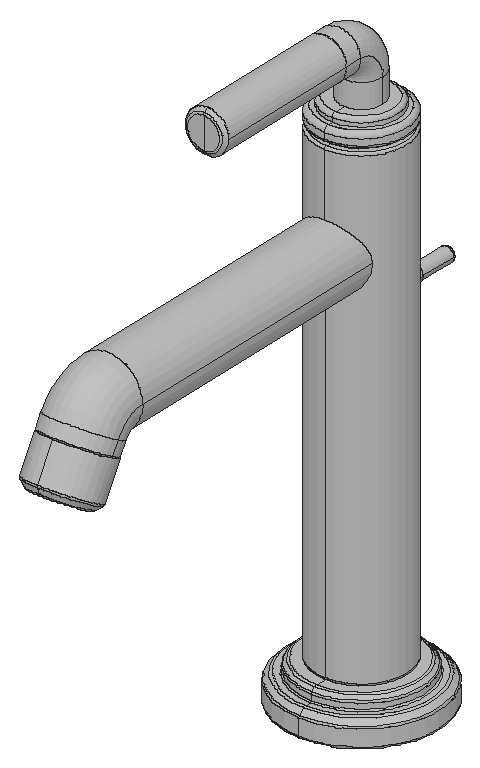
Revit family "Faucet-Lavatory-KALLISTA-PINNA_PALETTA-P26623", category Plumbing Fixtures, host Face, Revit 2022
Family settings
  Host = Face
  Round Connector Dimension = Use Diameter
  Part Type = Normal
  OmniClass Number = 23.31.11.00
  Cut with Voids When Loaded = No
  Maintain Annotation Orientation = No
  Shared = No
  Room Calculation Point = No
Parameters (values of type "CPH, CP-Chrome")
  Width = 2 93/256"  # constant formula
  WaterSense Certified = 1 = 0  # no
  Waste Water Outlet = "Waste Water Outlet"  # constant formula
  Waste Connection = 1 = 0  # no
  Vent Connection = 1 = 0  # no
  URL = "https://www.kallista.com/"
  Type = 1
  Spout Reach = 5 189/256"  # constant formula
  Secondary Material = Kallista-Metal-CPH-Polished_Chrome
  Product Page URL = ""
  Product Name = "Pinna Paletta"  # constant formula
  Product Documentation Link = ""
  Pressure = 0.00 psi
  Model = if(Type = 1, "P26623-CPH-CP", if(Type = 2, "P26623-BAF-BAF", if(Type = 3, "P26623-SNW-SN", if(Type = 4, "P24432-ULB-ULB", if(Type = 5, "P24432-BNW-BN", "NA")))))  # "P26623-CPH-CP"
  Material = "Premium Metal Construction"  # constant formula
  Master Format 2014 Name = "Residential Faucets, Supplies, and Trim"  # constant formula
  Master Format 2014 = "22 41 39"  # constant formula
  Manufacturer Address = "444 Highland Dr, Kohler, WI 53044"  # constant formula
  Manufacturer = "Kallista Co."  # constant formula
  Length = Spout Reach  # 5 189/256"
  Hot Water Inlet = "Hot Water Inlet"  # constant formula
  Height = 9 95/256"  # constant formula
  Handle Clearance = 2 127/128"  # constant formula
  HW Connection = 1 = 1  # yes
  Flow Rate = 1.2 GPM  # constant formula
  Finish = Kallista-Metal-CP-Chrome
  Environmental Product Declaration = ""
  Drain Included = 1 = 1  # yes
  Description = "Pinna Paletta Single Control"  # constant formula
  Default Elevation = 36"
  Declare Label = ""
  Date Modified = "11/27/2023"  # constant formula
  Date Created = "07/14/2022"  # constant formula
  Copyright = "Copyright Kallista Co."  # constant formula
  Contact Us = "https://www.kallista.com/corporate/contact-us/"
  Cold Water Inlet = "Cold Water Inlet"  # constant formula
  CW Connection = 1 = 1  # yes
  Assembly Code = "D2010"
  ADA Compliant = 1 = 0  # no
Reference planes (in)
  plane 1 "Center (Front/Back)": y = 0
  plane 2: z = 0
  plane 3 "Center (Left/Right)": x = 0
  plane 4: x = -1.1811
  plane 5: x = 1.18218
  plane 6: y = -6.1875
  plane 7: z = 9.37109
  plane 8: x = 0.69685
  plane 9: x = -0.69685
  plane 10: y = -2.99219
  plane 11: z = 6.85039
  plane 12: z = 5.7874
  plane 13: z = 5.25197
  plane 14: y = 0.69685
  plane 15: y = -0.69685
  plane 16: z = 5.47244
  plane 17: z = 8.70079
  plane 18: y = 1.64961
  plane 19: y = -5.73828
  plane 20: z = 0.58268
  plane 21: x = -0.33465
  plane 22: x = 0.33465
Dimensions and locks (in)
  "Width": plane 4 to plane 5
  "Handle Clearance": plane 1 "Center (Front/Back)" to plane 10
  "Height": level to plane 7
  locked: level to plane 11 at 6.85039
  locked: level to plane 20 at 0.58268
  plane 17 to plane 7 = 0.67031"
  plane 12 to plane 11 = 1.06299"
  "Length": plane 1 "Center (Front/Back)" to plane 19
  aligned and locked: plane 2 to host face
  aligned and locked: level to host face
  aligned and locked: plane 3 "Center (Left/Right)" to nested 1
  aligned and locked: plane 1 "Center (Front/Back)" to nested 1
Automatic sketch dimensions
  host sketch curve to host sketch curve = 96"  (x2)
Nested families (in)
  nested 1: "P26623" at (0, 0, 0), type "P26623"
Connectors (in)
  piping at (-0.33465, 0, 0), diameter 0.5625, driven by "Flow Rate", driven by "Pressure", driven by "HW Connection", driven by "Hot Water Inlet"
    settings: on nested 1, index 1, connector inside diameter 24", connector length 0", flow factor 0, pipe flow 1.2 GPM, pressure drop 0.00 psi, fitting loss kfactor 0, connector angle 0.00°, fixture units 0, engagement length 0", angle of deflection 0.00°, flow configuration 1, flow direction 1, fitting loss method 0, system type 19, joint type 0, gender type 0, connector reference index -1, connector utility 1, adjustable connector no, is connector primary yes, connector description "Hot Water Inlet"
  piping at (0.33465, 0, 0), diameter 0.5625, driven by "Flow Rate", driven by "Pressure", driven by "CW Connection", driven by "Cold Water Inlet"
    settings: on nested 1, index 2, connector inside diameter 24", connector length 0", flow factor 0, pipe flow 1.2 GPM, pressure drop 0.00 psi, fitting loss kfactor 0, connector angle 0.00°, fixture units 0, engagement length 0", angle of deflection 0.00°, flow configuration 1, flow direction 1, fitting loss method 0, system type 20, joint type 0, gender type 0, connector reference index -1, connector utility 1, adjustable connector no, is connector primary no, connector description "Cold Water Inlet"
Definition of nested family "P26623"
  Parameters
    Secondary Material = none
    Material = none
    Default Elevation = 0"
  Reference planes (in)
    plane 1 "Center (Front/Back)": y = 0
    plane 2: z = 0
    plane 3 "Center (Left/Right)": x = 0
    plane 4: z = 0.58268
    plane 5: y = -0.69685
    plane 6: y = 0.69685
    plane 7: z = 5.47244
    plane 8: z = 9.37008
    plane 9: z = 6.85039
    plane 10: z = 5.25197
    plane 11: z = 5.7874
    plane 12: y = -6.18643
    plane 13: x = -0.69685
    plane 14: x = 0.69685
    plane 15: y = 1.1811
    plane 16: y = -1.1811
    plane 17: x = -1.1811
    plane 18: x = 1.1811
    plane 19: y = -2.99213
    plane 20 "1": through (0, 0.93196, 5.45663) normal (0, -0.9272, 0.3746)
    plane 21 "A": through (0, 0.33612, 4.56386) normal (0, -0.5878, -0.809)
    plane 22: x = -0.33465
    plane 23: x = 0.33465
    plane 24: z = 8.70079
    plane 25: y = 1.64961
    plane 26: y = -5.74016
    plane 27: z = 8.8842
    plane 28: z = 8.30439
    plane 29: y = -2.84087
  Forms (in)
    Revolve 1, solid, material <- "Secondary Material", detail levels medium+fine
      sketch origin (0, 0, 0) x (0, 1, 0) y (0, 0, 1)
        loop
          line (0, 0) -> (0, 0.58268) -> (-0.8507, 0.58268)
          arc (-0.8507, 0.58268) -> (-0.86849, 0.57914) -> (-0.88358, 0.56906) r 0.0465
          line (-0.88358, 0.56906) -> (-0.93235, 0.52029)
          arc (-0.93235, 0.52029) -> (-0.94146, 0.50665) -> (-0.94466, 0.49056) r 0.04205
          line (-0.94466, 0.49056) -> (-0.94466, 0.41183)
          arc (-0.94466, 0.41183) -> (-0.9506, 0.3975) -> (-0.96493, 0.39157) r 0.02027
          line (-0.96493, 0.39157) -> (-1.05865, 0.39157)
          arc (-1.05865, 0.39157) -> (-1.0782, 0.38768) -> (-1.09478, 0.3766) r 0.0511
          line (-1.09478, 0.3766) -> (-1.16853, 0.30285)
          arc (-1.16853, 0.30285) -> (-1.17703, 0.29013) -> (-1.18001, 0.27512) r 0.03921
          line (-1.18001, 0.27512) -> (-1.18001, 0.02415)
          arc (-1.18001, 0.02415) -> (-1.17294, 0.00707) -> (-1.15587, 0) r 0.02415
          line (-1.15587, 0) -> (0, 0)
        axis (0, 0.58268) -> (0, 0)
      angle from 0 to 360
    Revolve 2, solid, material <- "Secondary Material", detail levels medium+fine
      sketch origin (0, 0, 0) x (0, 1, 0) y (0, 0, 1)
        loop
          line (0, 0.58268) -> (0, 7.8388) -> (-0.66415, 7.8388)
          arc (-0.66415, 7.8388) -> (-0.68727, 7.82923) -> (-0.69685, 7.8061) r 0.0327
          line (-0.69685, 7.8061) -> (-0.69685, 0.61552)
          arc (-0.69685, 0.61552) -> (-0.68723, 0.5923) -> (-0.66401, 0.58268) r 0.03285
          line (-0.66401, 0.58268) -> (0, 0.58268)
        axis (0, 0.58268) -> (0, 7.8388)
      angle from 0 to 360
    Sweep 3, solid, material <- "Secondary Material", detail levels medium+fine
      path origin (0, 0, 0) x (0, 1, 0) y (0, 0, 1)
        loop
          line (-0.42993, 6.32346) -> (-4.81072, 6.32346)
          arc (-4.81072, 6.32346) -> (-5.08181, 6.25082) -> (-5.28026, 6.05237) r 0.54218
          line (-5.28026, 6.05237) -> (-5.38631, 5.86869)
      profile origin (0, -2.62033, 6.32346) x (0, 0, -1) y (1, 0, 0)
        loop
          circle (0, 0) r 0.52756
    Sweep 4, solid, material <- "Secondary Material", detail levels medium+fine
      path origin (0, 0, -0.00615) x (0, 1, 0) y (0, 0, 1)
        loop
          line (1.61598, 5.37156) -> (1.0314, 5.37156)
          arc (1.0314, 5.37156) -> (0.92734, 5.33875) -> (0.86092, 5.25219) r 0.18142
          line (0.86092, 5.25219) -> (0.43246, 4.07501)
      profile origin (0, 1.32369, 5.36541) x (0, 0, -1) y (1, 0, 0)
        loop
          circle (0.00434, 0) r 0.11024
    Revolve 5, solid, material <- "Material", detail levels medium+fine
      sketch origin (0, 0, 0) x (0, 1, 0) y (0, 0, 1)
        loop
          line (1.61077, 5.36107) -> (1.64961, 5.36107) -> (1.64961, 5.27693)
          arc (1.64961, 5.27693) -> (1.63907, 5.2556) -> (1.61598, 5.25084) r 0.02638
          line (1.61598, 5.25084) -> (1.61598, 5.36107)
        axis (1.64961, 5.36107) -> (1.61024, 5.36107)
      angle from 0 to 360
    Revolve 6, solid, material <- "Secondary Material", detail levels medium+fine
      sketch origin (0, 0, 0) x (0, 1, 0) y (0, 0, 1)
        loop
          line (-2.92561, 9.03532) -> (-2.99164, 9.03532) -> (-2.99164, 8.7906)
          arc (-2.99164, 8.7906) -> (-2.98826, 8.77359) -> (-2.97863, 8.75918) r 0.04444
          line (-2.97863, 8.75918) -> (-2.92561, 8.70616) -> (-2.92561, 9.03532)
        axis (-2.99164, 9.03532) -> (-2.92561, 9.03532)
      angle from 0 to 360
    Revolve 7, solid, material <- "Secondary Material", detail levels medium+fine
      sketch origin (0, 0, 0) x (0, 1, 0) y (0, 0, 1)
        loop
          line (-5.38631, 5.86869) -> (-5.84319, 6.13247)
          arc (-5.84319, 6.13247) -> (-5.83803, 6.11346) -> (-5.82409, 6.09956) r 0.03819
          line (-5.82409, 6.09956) -> (-5.85267, 6.11605) -> (-6.13918, 5.61979)
          arc (-6.13918, 5.61979) -> (-6.14471, 5.6035) -> (-6.14359, 5.58634) r 0.04408
          line (-6.14359, 5.58634) -> (-6.11666, 5.48586)
          arc (-6.11666, 5.48586) -> (-6.10876, 5.46984) -> (-6.09533, 5.45806) r 0.04578
          line (-6.09533, 5.45806) -> (-5.74137, 5.2537) -> (-5.38631, 5.86869)
        axis (-5.38631, 5.86869) -> (-5.74137, 5.2537)
      angle from 0 to 360
    Extrusion 8, void
      sketch origin (0, -5.58112, 5.53004) x (0, -0.866025, 0.5) y (1, 0, 0)
        loop
          circle (-0.02402, 0) r 0.35378
      from -0.70977 to -0.19977
    Extrusion 9, solid, detail levels medium+fine
      sketch origin (0, -5.59177, 5.5362) x (0, 0.866025, -0.5) y (1, 0, 0)
        loop
          line (0.3289, -0.0717) -> (0.37741, -0.0717)
          arc (0.37741, -0.0717) -> (0.38654, -0.00011) -> (0.37741, 0.07149) r 0.28543
          line (0.37741, 0.07149) -> (0.3289, 0.07149)
          arc (0.3289, 0.07149) -> (0.33752, -0.00011) -> (0.3289, -0.0717) r 0.30175
      from 0.19977 to 0.31945
    Extrusion 10, solid, detail levels medium+fine
      sketch origin (-0.02512, -5.57915, 5.52891) x (0.707107, 0.612372, -0.353553) y (0.707107, -0.612372, 0.353553)
        loop
          line (0.3289, -0.0717) -> (0.37741, -0.0717)
          arc (0.37741, -0.0717) -> (0.38654, -0.00011) -> (0.37741, 0.07149) r 0.28543
          line (0.37741, 0.07149) -> (0.3289, 0.07149)
          arc (0.3289, 0.07149) -> (0.33752, -0.00011) -> (0.3289, -0.0717) r 0.30175
      from 0.19977 to 0.31945
    Extrusion 11, solid, detail levels medium+fine
      sketch origin (-0.03184, -5.57037, 5.52384) x (0.99863, 0.045324, -0.026168) y (0.052336, -0.864839, 0.499315)
        loop
          line (0.3289, -0.0717) -> (0.37741, -0.0717)
          arc (0.37741, -0.0717) -> (0.38654, -0.00011) -> (0.37741, 0.07149) r 0.28543
          line (0.37741, 0.07149) -> (0.3289, 0.07149)
          arc (0.3289, 0.07149) -> (0.33752, -0.00011) -> (0.3289, -0.0717) r 0.30175
      from 0.19977 to 0.31945
    Extrusion 12, solid, detail levels medium+fine
      sketch origin (-0.018, -5.53239, 5.50191) x (0.079283, -0.863299, 0.498426) y (-0.996852, -0.068661, 0.039642)
        loop
          line (0.3289, -0.0717) -> (0.37741, -0.0717)
          arc (0.37741, -0.0717) -> (0.38654, -0.00011) -> (0.37741, 0.07149) r 0.28543
          line (0.37741, 0.07149) -> (0.3289, 0.07149)
          arc (0.3289, 0.07149) -> (0.33752, -0.00011) -> (0.3289, -0.0717) r 0.30175
      from 0.19977 to 0.31945
    Extrusion 13, solid, detail levels medium+fine
      sketch origin (0.03812, -5.5705, 5.52392) x (-0.999529, -0.026566, 0.015338) y (-0.030675, 0.865618, -0.499765)
        loop
          line (0.3289, -0.0717) -> (0.37741, -0.0717)
          arc (0.37741, -0.0717) -> (0.38654, -0.00011) -> (0.37741, 0.07149) r 0.28543
          line (0.37741, 0.07149) -> (0.3289, 0.07149)
          arc (0.3289, 0.07149) -> (0.33752, -0.00011) -> (0.3289, -0.0717) r 0.30175
      from 0.19977 to 0.31945
    Extrusion 14, solid, detail levels medium+fine
      sketch origin (0.01467, -5.53226, 5.50184) x (-0.662001, -0.649089, 0.374752) y (-0.749503, 0.57331, -0.331)
        loop
          line (0.3289, -0.0717) -> (0.37741, -0.0717)
          arc (0.37741, -0.0717) -> (0.38654, -0.00011) -> (0.37741, 0.07149) r 0.28543
          line (0.37741, 0.07149) -> (0.3289, 0.07149)
          arc (0.3289, 0.07149) -> (0.33752, -0.00011) -> (0.3289, -0.0717) r 0.30175
      from 0.19977 to 0.31945
    Extrusion 15, solid, detail levels medium+fine
      sketch origin (-0.028, -5.5355, 5.50371) x (0.765393, -0.557342, 0.321782) y (-0.643563, -0.66285, 0.382696)
        loop
          line (0.3289, -0.0717) -> (0.37741, -0.0717)
          arc (0.37741, -0.0717) -> (0.38654, -0.00011) -> (0.37741, 0.07149) r 0.28543
          line (0.37741, 0.07149) -> (0.3289, 0.07149)
          arc (0.3289, 0.07149) -> (0.33752, -0.00011) -> (0.3289, -0.0717) r 0.30175
      from 0.19977 to 0.31945
    Extrusion 16, solid, detail levels medium+fine
      sketch origin (0.02322, -5.58258, 5.53089) x (-0.763321, 0.559469, -0.32301) y (0.646019, 0.661055, -0.38166)
        loop
          line (0.3289, -0.0717) -> (0.37741, -0.0717)
          arc (0.37741, -0.0717) -> (0.38654, -0.00011) -> (0.37741, 0.07149) r 0.28543
          line (0.37741, 0.07149) -> (0.3289, 0.07149)
          arc (0.3289, 0.07149) -> (0.33752, -0.00011) -> (0.3289, -0.0717) r 0.30175
      from 0.19977 to 0.31945
    Extrusion 17, solid, detail levels medium+fine
      sketch origin (0, -5.58112, 5.53004) x (0, 0.866025, -0.5) y (1, 0, 0)
        loop
          circle (0.03684, -0.00096) r 0.30315
      from 0.19977 to 0.2851
    Extrusion 18, void
      sketch origin (0, -5.72367, 5.28314) x (0, -0.866025, 0.5) y (1, 0, 0)
        loop
          line (0.17055, -0.07145) -> (0.15658, -0.10981) -> (0.18283, -0.14108) -> (0.22303, -0.13399) -> (0.23699, -0.09563) -> (0.21075, -0.06436) -> (0.17055, -0.07145)
        loop
          line (0.1546, 0.01897) -> (0.14064, -0.01939) -> (0.16688, -0.05066) -> (0.20709, -0.04358) -> (0.22105, -0.00521) -> (0.19481, 0.02606) -> (0.1546, 0.01897)
        loop
          line (0.13743, 0.11637) -> (0.12347, 0.07801) -> (0.14971, 0.04674) -> (0.18991, 0.05382) -> (0.20387, 0.09219) -> (0.17763, 0.12346) -> (0.13743, 0.11637)
        loop
          line (0.06008, 0.18791) -> (0.04612, 0.14955) -> (0.07236, 0.11828) -> (0.11257, 0.12537) -> (0.12653, 0.16373) -> (0.10029, 0.195) -> (0.06008, 0.18791)
        loop
          line (0.05137, 0.0883) -> (0.03741, 0.04994) -> (0.06365, 0.01866) -> (0.10385, 0.02575) -> (0.11781, 0.06411) -> (0.09157, 0.09539) -> (0.05137, 0.0883)
        loop
          line (0.07105, -0.02331) -> (0.05709, -0.06167) -> (0.08333, -0.09294) -> (0.12353, -0.08585) -> (0.13749, -0.04749) -> (0.11125, -0.01622) -> (0.07105, -0.02331)
        loop
          line (0.08849, -0.12224) -> (0.07453, -0.1606) -> (0.10077, -0.19187) -> (0.14097, -0.18479) -> (0.15494, -0.14642) -> (0.1287, -0.11515) -> (0.08849, -0.12224)
        loop
          line (-0.00213, -0.1645) -> (-0.01609, -0.20286) -> (0.01015, -0.23413) -> (0.05035, -0.22704) -> (0.06431, -0.18868) -> (0.03807, -0.15741) -> (-0.00213, -0.1645)
        loop
          line (-0.00213, -0.06542) -> (-0.01609, -0.10378) -> (0.01015, -0.13505) -> (0.05035, -0.12796) -> (0.06431, -0.0896) -> (0.03807, -0.05833) -> (-0.00213, -0.06542)
        loop
          line (-0.01902, 0.03033) -> (-0.03298, -0.00803) -> (-0.00674, -0.03931) -> (0.03347, -0.03222) -> (0.04743, 0.00614) -> (0.02119, 0.03742) -> (-0.01902, 0.03033)
        loop
          line (-0.03754, 0.13537) -> (-0.0515, 0.09701) -> (-0.02526, 0.06574) -> (0.01494, 0.07283) -> (0.0289, 0.11119) -> (0.00266, 0.14246) -> (-0.03754, 0.13537)
        loop
          line (-0.02982, 0.22364) -> (-0.04378, 0.18528) -> (-0.01754, 0.154) -> (0.02266, 0.16109) -> (0.03663, 0.19945) -> (0.01039, 0.23073) -> (-0.02982, 0.22364)
        loop
          line (-0.12738, 0.19133) -> (-0.14134, 0.15297) -> (-0.1151, 0.1217) -> (-0.0749, 0.12878) -> (-0.06094, 0.16715) -> (-0.08718, 0.19842) -> (-0.12738, 0.19133)
        loop
          line (-0.10828, 0.08301) -> (-0.12224, 0.04465) -> (-0.096, 0.01338) -> (-0.0558, 0.02047) -> (-0.04184, 0.05883) -> (-0.06808, 0.0901) -> (-0.10828, 0.08301)
        loop
          line (-0.09054, -0.01761) -> (-0.1045, -0.05597) -> (-0.07826, -0.08724) -> (-0.03806, -0.08015) -> (-0.0241, -0.04179) -> (-0.05034, -0.01052) -> (-0.09054, -0.01761)
        loop
          line (-0.09054, -0.11284) -> (-0.1045, -0.1512) -> (-0.07826, -0.18247) -> (-0.03806, -0.17539) -> (-0.0241, -0.13703) -> (-0.05034, -0.10575) -> (-0.09054, -0.11284)
        loop
          line (-0.18641, -0.10403) -> (-0.20037, -0.14239) -> (-0.17413, -0.17366) -> (-0.13393, -0.16657) -> (-0.11997, -0.12821) -> (-0.14621, -0.09694) -> (-0.18641, -0.10403)
        loop
          line (-0.18641, -0.00469) -> (-0.20037, -0.04305) -> (-0.17413, -0.07432) -> (-0.13393, -0.06723) -> (-0.11997, -0.02887) -> (-0.14621, 0.0024) -> (-0.18641, -0.00469)
        loop
          line (-0.20262, 0.08721) -> (-0.21658, 0.04885) -> (-0.19034, 0.01757) -> (-0.15013, 0.02466) -> (-0.13617, 0.06302) -> (-0.16241, 0.09429) -> (-0.20262, 0.08721)
      from -0.14688 to 0.11119
    Extrusion 19, void
      sketch origin (0, 2.28637, 3.14692) x (0, -0.809017, 0.587785) y (-1, 0, 0)
        loop
          spline (2.02088, -0.00889) -> (2.02759, -0.04472) -> (2.04725, -0.07811) -> (2.07853, -0.10678) -> (2.1193, -0.12878) -> (2.16678, -0.14261) -> (2.21773, -0.14733) -> (2.26868, -0.14261) -> (2.31615, -0.12878) -> (2.35692, -0.10678) -> (2.38821, -0.07811) -> (2.40787, -0.04472) -> (2.41458, -0.00889)
          spline (2.41458, -0.00889) -> (2.40787, 0.02693) -> (2.38821, 0.06032) -> (2.35692, 0.08899) -> (2.31615, 0.11099) -> (2.26868, 0.12482) -> (2.21773, 0.12954) -> (2.16678, 0.12482) -> (2.1193, 0.11099) -> (2.07853, 0.08899) -> (2.04725, 0.06032) -> (2.02759, 0.02693) -> (2.02088, -0.00889)
      from 0 to -1.156
    Revolve 20, solid, material <- "Material", detail levels coarse
      sketch origin (0, 0, 0) x (0, 1, 0) y (0, 0, 1)
        loop
          line (0, 0) -> (0, 8.23229) -> (-0.55199, 8.23229) -> (-0.55199, 8.11296) -> (-0.69685, 8.11296) -> (-0.69685, 0.58268) -> (-0.96011, 0.58268) -> (-0.96011, 0.3937) -> (-1.1811, 0.3937) -> (-1.1811, 0) -> (0, 0)
        axis (0, 8.23229) -> (0, 0)
      angle from 0 to 360
    Sweep 21, solid, material <- "Material", detail levels coarse
      path origin (0, 0, 0) x (0, 1, 0) y (0, 0, 1)
        loop
          line (-0.4453, 6.31321) -> (-4.77601, 6.31321)
          arc (-4.77601, 6.31321) -> (-5.0758, 6.23289) -> (-5.29526, 6.01343) r 0.59957
          line (-5.29526, 6.01343) -> (-5.39017, 5.84903)
      profile origin (0, -2.61066, 6.31321) x (0, 0, -1) y (1, 0, 0)
        loop
          circle (0, 0) r 0.5378
    Sweep 22, solid, material <- "Material", detail levels coarse
      path origin (0, 0, 0) x (0, 1, 0) y (0, 0, 1)
        loop
          line (0.55314, 4.44094) -> (0.88884, 5.27183)
          arc (0.88884, 5.27183) -> (0.94227, 5.33781) -> (1.02347, 5.36263) r 0.1452
          line (1.02347, 5.36263) -> (1.64961, 5.36263)
      profile origin (0, 0.72099, 4.85639) x (0, -0.927184, 0.374607) y (1, 0, 0)
        loop
          circle (0, 0) r 0.11094
    Extrusion 23, solid, material <- "Material", detail levels medium+fine
      sketch origin (0, 0, 0) x (1, 0, 0) y (0, 1, 0)
        loop
          circle (-0.33465, 0) r 0.07874
        loop
          circle (0.33465, 0) r 0.07874
      from 0 to 0.03456
    Sweep 24, solid, material <- "Material", detail levels medium+fine
      path origin (0, 0, 0) x (0, 1, 0) y (0, 0, 1)
        loop
          line (0, 8.23229) -> (0, 8.60033)
          arc (0, 8.60033) -> (-0.12744, 8.90799) -> (-0.4351, 9.03543) r 0.4351
          line (-0.4351, 9.03543) -> (-0.69685, 9.03543)
      profile origin (0, 0, 8.41631) x (0, -1, 0) y (1, 0, 0)
        loop
          circle (0, 0) r 0.32677
    Sweep 25, solid, material <- "Material", detail levels coarse
      path origin (0, 0, 0) x (0, 1, 0) y (0, 0, 1)
        loop
          line (0, 8.23229) -> (0, 8.56812)
          arc (0, 8.56812) -> (-0.13687, 8.89856) -> (-0.46731, 9.03543) r 0.46731
          line (-0.46731, 9.03543) -> (-0.69685, 9.03543)
      profile origin (0, 0, 8.4002) x (0, -1, 0) y (1, 0, 0)
        loop
          circle (0, 0) r 0.33465
    Revolve 26, solid, material <- "Material", detail levels medium+fine
      sketch origin (0, 0, 0) x (0, 1, 0) y (0, 0, 1)
        loop
          line (0, 7.8388) -> (0, 8.23229) -> (-0.48909, 8.23229)
          arc (-0.48909, 8.23229) -> (-0.5306, 8.2151) -> (-0.5478, 8.17359) r 0.0587
          line (-0.5478, 8.17359) -> (-0.5478, 8.11296) -> (-0.62217, 8.11296)
          arc (-0.62217, 8.11296) -> (-0.67498, 8.09108) -> (-0.69685, 8.03827) r 0.07468
          line (-0.69685, 8.03827) -> (-0.69685, 7.93818)
          arc (-0.69685, 7.93818) -> (-0.69075, 7.92345) -> (-0.67602, 7.91735) r 0.02083
          line (-0.67602, 7.91735) -> (-0.50132, 7.91735) -> (-0.57986, 7.8388) -> (0, 7.8388)
        axis (0, 7.8388) -> (0, 8.23229)
      angle from 0 to 360
    Sweep 27, solid, material <- "Secondary Material", detail levels medium+fine
      path origin (0, 0, 0) x (0, 1, 0) y (0, 0, 1)
        loop
          line (-0.69685, 9.03543) -> (-2.92561, 9.03543)
      profile origin (0, -1.81123, 9.03543) x (0, 0, -1) y (1, 0, 0)
        loop
          circle (0, 0) r 0.32677
    Revolve 28, solid, material <- "Secondary Material", detail levels coarse
      sketch origin (0, 0, 0) x (0, 1, 0) y (0, 0, 1)
        loop
          line (-0.69685, 9.03543) -> (-0.69685, 9.37008) -> (-3.00576, 9.37008) -> (-3.00576, 9.03543) -> (-0.69685, 9.03543)
        axis (-0.69685, 9.03543) -> (-3.00576, 9.03543)
      angle from 0 to 360
    Revolve 29, solid, material <- "Secondary Material", detail levels coarse
      sketch origin (0, 0, 0) x (0, 1, 0) y (0, 0, 1)
        loop
          line (-5.85593, 6.11793) -> (-6.20151, 5.51936) -> (-5.73576, 5.25046) -> (-5.39017, 5.84903) -> (-5.85593, 6.11793)
        axis (-5.39017, 5.84903) -> (-5.73576, 5.25046)
      angle from 0 to 360
  Cuts and joins
    Extrusion 8, Extrusion 19 cuts Revolve 2
    Extrusion 8 cuts Sweep 3
    joined: Revolve 1, Revolve 2, Sweep 3, Sweep 4
    Extrusion 8 cuts Revolve 6
    Extrusion 18 cuts Extrusion 17
    Extrusion 8 cuts Revolve 7
  Lines and regions (in)
    Masking region 1
      outline origin (0, 0, 0) x (1, 0, 0) y (0, 1, 0)
        loop
          arc (-0.10996, 1.17597) -> (-1.16072, 0.2185) -> (-0.53001, -1.0555) r 1.1811
          line (-0.53001, -1.0555) -> (-0.53001, -5.65762)
          arc (-0.53001, -5.65762) -> (0, -6.18763) -> (0.53001, -5.65762) r 0.53001
          line (0.53001, -5.65762) -> (0.53001, -1.0555)
          arc (0.53001, -1.0555) -> (1.16072, 0.2185) -> (0.10996, 1.17597) r 1.1811
          line (0.10996, 1.17597) -> (0.10996, 1.60528)
          arc (0.10996, 1.60528) -> (0.10271, 1.62264) -> (0.09124, 1.63756) r 0.07254
          arc (0.09124, 1.63756) -> (0.0779, 1.64648) -> (0.06217, 1.64961) r 0.04112
          line (0.06217, 1.64961) -> (-0.06278, 1.64961)
          arc (-0.06278, 1.64961) -> (-0.07795, 1.64659) -> (-0.09081, 1.63799) r 0.03965
          arc (-0.09081, 1.63799) -> (-0.10249, 1.62287) -> (-0.10996, 1.60528) r 0.07484
          line (-0.10996, 1.60528) -> (-0.10996, 1.17597)
    Masking region 2
      outline origin (0, 0, 0) x (1, 0, 0) y (0, 0, 1)
        loop
          line (-1.15522, 0) -> (1.15522, 0)
          arc (1.15522, 0) -> (1.17352, 0.00758) -> (1.1811, 0.02588) r 0.02588
          line (1.1811, 0.02588) -> (1.1811, 0.27051)
          arc (1.1811, 0.27051) -> (1.1773, 0.28964) -> (1.16646, 0.30586) r 0.04999
          line (1.16646, 0.30586) -> (1.09697, 0.37535)
          arc (1.09697, 0.37535) -> (1.07971, 0.38688) -> (1.05935, 0.39093) r 0.05321
          line (1.05935, 0.39093) -> (0.96648, 0.39093)
          arc (0.96648, 0.39093) -> (0.9514, 0.39718) -> (0.94516, 0.41226) r 0.02133
          line (0.94516, 0.41226) -> (0.94516, 0.48737)
          arc (0.94516, 0.48737) -> (0.94206, 0.50294) -> (0.93324, 0.51614) r 0.04069
          line (0.93324, 0.51614) -> (0.88058, 0.5688)
          arc (0.88058, 0.5688) -> (0.86521, 0.57907) -> (0.84708, 0.58268) r 0.04738
          line (0.84708, 0.58268) -> (0.66985, 0.58268)
          arc (0.66985, 0.58268) -> (0.68918, 0.59342) -> (0.69685, 0.61416) r 0.03185
          line (0.69685, 0.61416) -> (0.69685, 7.83823) -> (0.56626, 7.83823) -> (0.48715, 7.91735) -> (0.67602, 7.91735)
          arc (0.67602, 7.91735) -> (0.69075, 7.92345) -> (0.69685, 7.93818) r 0.02083
          line (0.69685, 7.93818) -> (0.69685, 8.04865)
          arc (0.69685, 8.04865) -> (0.69382, 8.06387) -> (0.6852, 8.07677) r 0.03977
          line (0.6852, 8.07677) -> (0.65865, 8.10332)
          arc (0.65865, 8.10332) -> (0.6449, 8.11251) -> (0.62867, 8.11574) r 0.0424
          line (0.62867, 8.11574) -> (0.56868, 8.11574)
          arc (0.56868, 8.11574) -> (0.55391, 8.12186) -> (0.5478, 8.13662) r 0.02088
          line (0.5478, 8.13662) -> (0.5478, 8.1687)
          arc (0.5478, 8.1687) -> (0.54609, 8.18399) -> (0.5379, 8.19702) r 0.03454
          line (0.5379, 8.19702) -> (0.51469, 8.22023)
          arc (0.51469, 8.22023) -> (0.50045, 8.22917) -> (0.48393, 8.23229) r 0.04528
          line (0.48393, 8.23229) -> (0.31587, 8.23229)
          arc (0.31587, 8.23229) -> (0.32942, 8.23914) -> (0.33487, 8.2533) r 0.02112
          line (0.33487, 8.2533) -> (0.33487, 9.03539)
          arc (0.33487, 9.03539) -> (0, 9.37026) -> (-0.33487, 9.03539) r 0.33487
          line (-0.33487, 9.03539) -> (-0.33487, 8.2533)
          arc (-0.33487, 8.2533) -> (-0.32942, 8.23914) -> (-0.31587, 8.23229) r 0.02112
          line (-0.31587, 8.23229) -> (-0.48393, 8.23229)
          arc (-0.48393, 8.23229) -> (-0.50045, 8.22917) -> (-0.51469, 8.22023) r 0.04528
          line (-0.51469, 8.22023) -> (-0.5379, 8.19702)
          arc (-0.5379, 8.19702) -> (-0.54609, 8.18399) -> (-0.5478, 8.1687) r 0.03454
          line (-0.5478, 8.1687) -> (-0.5478, 8.13662)
          arc (-0.5478, 8.13662) -> (-0.55391, 8.12186) -> (-0.56868, 8.11574) r 0.02088
          line (-0.56868, 8.11574) -> (-0.62867, 8.11574)
          arc (-0.62867, 8.11574) -> (-0.6449, 8.11251) -> (-0.65865, 8.10332) r 0.0424
          line (-0.65865, 8.10332) -> (-0.6852, 8.07677)
          arc (-0.6852, 8.07677) -> (-0.69382, 8.06387) -> (-0.69685, 8.04865) r 0.03977
          line (-0.69685, 8.04865) -> (-0.69685, 7.93818)
          arc (-0.69685, 7.93818) -> (-0.69075, 7.92345) -> (-0.67602, 7.91735) r 0.02083
          line (-0.67602, 7.91735) -> (-0.48715, 7.91735) -> (-0.56626, 7.83823) -> (-0.69685, 7.83823) -> (-0.69685, 0.61416)
          arc (-0.69685, 0.61416) -> (-0.68918, 0.59342) -> (-0.66985, 0.58268) r 0.03185
          line (-0.66985, 0.58268) -> (-0.84708, 0.58268)
          arc (-0.84708, 0.58268) -> (-0.86521, 0.57907) -> (-0.88058, 0.5688) r 0.04738
          line (-0.88058, 0.5688) -> (-0.93324, 0.51614)
          arc (-0.93324, 0.51614) -> (-0.94206, 0.50294) -> (-0.94516, 0.48737) r 0.04069
          line (-0.94516, 0.48737) -> (-0.94516, 0.41226)
          arc (-0.94516, 0.41226) -> (-0.9514, 0.39718) -> (-0.96648, 0.39093) r 0.02133
          line (-0.96648, 0.39093) -> (-1.05935, 0.39093)
          arc (-1.05935, 0.39093) -> (-1.07971, 0.38688) -> (-1.09697, 0.37535) r 0.05321
          line (-1.09697, 0.37535) -> (-1.16646, 0.30586)
          arc (-1.16646, 0.30586) -> (-1.1773, 0.28964) -> (-1.1811, 0.27051) r 0.04999
          line (-1.1811, 0.27051) -> (-1.1811, 0.02588)
          arc (-1.1811, 0.02588) -> (-1.17352, 0.00758) -> (-1.15522, 0) r 0.02588
    Masking region 3
      outline origin (0, 0, 0) x (0, 1, 0) y (0, 0, 1)
        loop
          line (-0.88792, 0.5658) -> (-0.93343, 0.52029)
          arc (-0.93343, 0.52029) -> (-0.94255, 0.50665) -> (-0.94575, 0.49056) r 0.04205
          line (-0.94575, 0.49056) -> (-0.94575, 0.41183)
          arc (-0.94575, 0.41183) -> (-0.95169, 0.3975) -> (-0.96602, 0.39157) r 0.02027
          line (-0.96602, 0.39157) -> (-1.05974, 0.39157)
          arc (-1.05974, 0.39157) -> (-1.07929, 0.38768) -> (-1.09587, 0.3766) r 0.0511
          line (-1.09587, 0.3766) -> (-1.16962, 0.30285)
          arc (-1.16962, 0.30285) -> (-1.17812, 0.29013) -> (-1.1811, 0.27512) r 0.03921
          line (-1.1811, 0.27512) -> (-1.1811, 0.02415)
          arc (-1.1811, 0.02415) -> (-1.17403, 0.00707) -> (-1.15696, 0) r 0.02415
          line (-1.15696, 0) -> (-0.00109, 0) -> (1.15696, 0)
          arc (1.15696, 0) -> (1.17403, 0.00707) -> (1.1811, 0.02415) r 0.02415
          line (1.1811, 0.02415) -> (1.1811, 0.27512)
          arc (1.1811, 0.27512) -> (1.17812, 0.29013) -> (1.16962, 0.30285) r 0.03921
          line (1.16962, 0.30285) -> (1.09587, 0.3766)
          arc (1.09587, 0.3766) -> (1.07929, 0.38768) -> (1.05974, 0.39157) r 0.0511
          line (1.05974, 0.39157) -> (0.96602, 0.39157)
          arc (0.96602, 0.39157) -> (0.95169, 0.3975) -> (0.94575, 0.41183) r 0.02027
          line (0.94575, 0.41183) -> (0.94575, 0.49056)
          arc (0.94575, 0.49056) -> (0.94255, 0.50665) -> (0.93343, 0.52029) r 0.04205
          line (0.93343, 0.52029) -> (0.88792, 0.5658)
          arc (0.88792, 0.5658) -> (0.86923, 0.57829) -> (0.84718, 0.58268) r 0.05762
          line (0.84718, 0.58268) -> (0.66401, 0.58268)
          arc (0.66401, 0.58268) -> (0.68723, 0.5923) -> (0.69685, 0.61552) r 0.03285
          line (0.69685, 0.61552) -> (0.69685, 4.46059) -> (0.96444, 5.19579)
          arc (0.96444, 5.19579) -> (0.9957, 5.23653) -> (1.04467, 5.25197) r 0.08538
          line (1.04467, 5.25197) -> (1.59507, 5.25197) -> (1.62945, 5.26592)
          arc (1.62945, 5.26592) -> (1.64425, 5.28236) -> (1.64961, 5.30382) r 0.04571
          line (1.64961, 5.30382) -> (1.64961, 5.4177)
          arc (1.64961, 5.4177) -> (1.64413, 5.43969) -> (1.62898, 5.45654) r 0.04688
          line (1.62898, 5.45654) -> (1.59507, 5.47244) -> (1.02633, 5.47244)
          arc (1.02633, 5.47244) -> (0.86228, 5.4215) -> (0.75594, 5.2866) r 0.28963
          line (0.75594, 5.2866) -> (0.69685, 5.13267) -> (0.69685, 7.8388) -> (0.57986, 7.8388) -> (0.50132, 7.91735) -> (0.67602, 7.91735)
          arc (0.67602, 7.91735) -> (0.69075, 7.92345) -> (0.69685, 7.93818) r 0.02083
          line (0.69685, 7.93818) -> (0.69685, 8.04865)
          arc (0.69685, 8.04865) -> (0.69382, 8.06387) -> (0.6852, 8.07677) r 0.03977
          line (0.6852, 8.07677) -> (0.65865, 8.10332)
          arc (0.65865, 8.10332) -> (0.6449, 8.11251) -> (0.62867, 8.11574) r 0.0424
          line (0.62867, 8.11574) -> (0.56868, 8.11574)
          arc (0.56868, 8.11574) -> (0.55391, 8.12186) -> (0.5478, 8.13662) r 0.02088
          line (0.5478, 8.13662) -> (0.5478, 8.1687)
          arc (0.5478, 8.1687) -> (0.54609, 8.18399) -> (0.5379, 8.19702) r 0.03454
          line (0.5379, 8.19702) -> (0.51469, 8.22023)
          arc (0.51469, 8.22023) -> (0.50045, 8.22917) -> (0.48393, 8.23229) r 0.04528
          line (0.48393, 8.23229) -> (0.33864, 8.23229) -> (0.33864, 9.25362)
          arc (0.33864, 9.25362) -> (0.30453, 9.33597) -> (0.22218, 9.37008) r 0.11646
          line (0.22218, 9.37008) -> (-2.92549, 9.37008) -> (-2.97591, 9.31966)
          arc (-2.97591, 9.31966) -> (-2.98786, 9.30177) -> (-2.99206, 9.28068) r 0.05512
          line (-2.99206, 9.28068) -> (-2.99206, 8.79588)
          arc (-2.99206, 8.79588) -> (-2.98786, 8.7748) -> (-2.97592, 8.75692) r 0.0551
          line (-2.97592, 8.75692) -> (-2.91979, 8.70079) -> (-0.44209, 8.70079)
          arc (-0.44209, 8.70079) -> (-0.36582, 8.66919) -> (-0.33422, 8.59292) r 0.10787
          line (-0.33422, 8.59292) -> (-0.33422, 8.23229) -> (-0.48393, 8.23229)
          arc (-0.48393, 8.23229) -> (-0.50045, 8.22917) -> (-0.51469, 8.22023) r 0.04528
          line (-0.51469, 8.22023) -> (-0.5379, 8.19702)
          arc (-0.5379, 8.19702) -> (-0.54609, 8.18399) -> (-0.5478, 8.1687) r 0.03454
          line (-0.5478, 8.1687) -> (-0.5478, 8.13662)
          arc (-0.5478, 8.13662) -> (-0.55391, 8.12186) -> (-0.56868, 8.11574) r 0.02088
          line (-0.56868, 8.11574) -> (-0.62867, 8.11574)
          arc (-0.62867, 8.11574) -> (-0.6449, 8.11251) -> (-0.65865, 8.10332) r 0.0424
          line (-0.65865, 8.10332) -> (-0.6852, 8.07677)
          arc (-0.6852, 8.07677) -> (-0.69382, 8.06387) -> (-0.69685, 8.04865) r 0.03977
          line (-0.69685, 8.04865) -> (-0.69685, 7.93818)
          arc (-0.69685, 7.93818) -> (-0.69075, 7.92345) -> (-0.67602, 7.91735) r 0.02083
          line (-0.67602, 7.91735) -> (-0.50132, 7.91735) -> (-0.57986, 7.8388) -> (-0.69685, 7.8388) -> (-0.69685, 6.93356)
          arc (-0.69685, 6.93356) -> (-0.72121, 6.87475) -> (-0.78002, 6.85039) r 0.08317
          line (-0.78002, 6.85039) -> (-5.08603, 6.85039)
          arc (-5.08603, 6.85039) -> (-5.42064, 6.76074) -> (-5.66559, 6.51578) r 0.66922
          line (-5.66559, 6.51578) -> (-6.17859, 5.62725)
          arc (-6.17859, 5.62725) -> (-6.18565, 5.60646) -> (-6.18421, 5.58455) r 0.05627
          line (-6.18421, 5.58455) -> (-6.15812, 5.48718)
          arc (-6.15812, 5.48718) -> (-6.14997, 5.47065) -> (-6.13611, 5.45849) r 0.04724
          line (-6.13611, 5.45849) -> (-5.4245, 5.04765)
          arc (-5.4245, 5.04765) -> (-5.40524, 5.0412) -> (-5.38499, 5.0428) r 0.05094
          line (-5.38499, 5.0428) -> (-5.29545, 5.06847)
          arc (-5.29545, 5.06847) -> (-5.27671, 5.07802) -> (-5.26291, 5.0939) r 0.05512
          line (-5.26291, 5.0939) -> (-4.91934, 5.68898)
          arc (-4.91934, 5.68898) -> (-4.84729, 5.76103) -> (-4.74886, 5.7874) r 0.19685
          line (-4.74886, 5.7874) -> (-0.77953, 5.7874)
          arc (-0.77953, 5.7874) -> (-0.72107, 5.76319) -> (-0.69685, 5.70472) r 0.08268
          line (-0.69685, 5.70472) -> (-0.69685, 0.61552)
          arc (-0.69685, 0.61552) -> (-0.68723, 0.5923) -> (-0.66401, 0.58268) r 0.03285
          line (-0.66401, 0.58268) -> (-0.84718, 0.58268)
          arc (-0.84718, 0.58268) -> (-0.86923, 0.57829) -> (-0.88792, 0.5658) r 0.05762
    symbolic lines, detail levels medium+fine
      curve 1: arc (0.33465, -1.06967, 0) -> (1.11491, 0.11465, 0) -> (0.10996, 1.11539, 0) r 1.12079
      curve 2: arc (0.33465, -0.61124, 0) -> (0, 0.69685, 0) -> (-0.33465, -0.61124, 0) r 0.69685
      curve 3: arc (0.33465, -0.57359, 0) -> (0, 0.66408, 0) -> (-0.33465, -0.57359, 0) r 0.66408
      curve 4: arc (0.33465, -0.48658, 0) -> (0, 0.59055, 0) -> (-0.33465, -0.48658, 0) r 0.59055
      curve 5: arc (0.33465, -0.4337, 0) -> (0, 0.5478, 0) -> (-0.33465, -0.4337, 0) r 0.5478
      curve 6: arc (0.33465, -0.39105, 0) -> (0, 0.51469, 0) -> (-0.33465, -0.39105, 0) r 0.51469
      curve 7: line (-0.10996, 1.17597, 0) -> (-0.10996, 0.68812, 0)
      curve 8: line (0.10996, 1.17597, 0) -> (0.10996, 0.68812, 0)
      curve 9: line (-0.33465, 0, 0) -> (-0.33465, -2.92561, 0)
      curve 10: line (-0.33465, -2.92561, 0) -> (-0.28989, -2.97036, 0)
      curve 11: line (-0.23969, -2.99116, 0) -> (0, -2.99116, 0)
      curve 12: arc (-0.28989, -2.97036, 0) -> (-0.26686, -2.98575, 0) -> (-0.23969, -2.99116, 0) r 0.07099
      curve 13: line (0.33465, -2.92561, 0) -> (0.28989, -2.97036, 0)
      curve 14: line (0.23969, -2.99116, 0) -> (0, -2.99116, 0)
      curve 15: arc (0.28989, -2.97036, 0) -> (0.26686, -2.98575, 0) -> (0.23969, -2.99116, 0) r 0.07099
      curve 16: arc (0.33465, 0, 0) -> (0, 0.33465, 0) -> (-0.33465, 0, 0) r 0.33465
      curve 17: arc (-0.33465, 0, 0) -> (0, 0.23526, 0) -> (0.33465, 0, 0) r 0.35564
      curve 18: arc (-0.10996, 0.8937, 0) -> (0, 0.78374, 0) -> (0.10996, 0.8937, 0) r 0.10996
      curve 19: line (-0.10996, 1.07021, 0) -> (0.10996, 1.07021, 0)
      curve 20: arc (0.33465, -0.84911, 0) -> (0.90529, 0.11589, 0) -> (0.10996, 0.90603, 0) r 0.91268
      curve 21: arc (0.33465, -0.88376, 0) -> (0.9379, 0.11564, 0) -> (0.10996, 0.93858, 0) r 0.945
      curve 22: arc (-0.53001, -1.0555, 0) -> (-0.43359, -1.10375, 0) -> (-0.33465, -1.14661, 0) r 1.95164
      curve 23: arc (0.53001, -1.0555, 0) -> (0.43359, -1.10375, 0) -> (0.33465, -1.14661, 0) r 1.95164
      curve 24: line (-0.33465, -2.92561, 0) -> (0.33465, -2.92561, 0)
      curve 25: arc (0.52756, -5.38631, 0) -> (0, -5.91387, 0) -> (-0.52756, -5.38631, 0) r 0.52756
      curve 26: arc (-0.53001, -5.18946, 0) -> (0, -5.71947, 0) -> (0.53001, -5.18946, 0) r 0.53001
      curve 27: arc (-0.53001, -5.02567, 0) -> (0, -5.1957, 0) -> (0.53001, -5.02567, 0) r 0.91109
      curve 28: line (0, -5.1957, 0) -> (0, -5.71947, 0)
      curve 29: line (-0.33465, -1.3378, 0) -> (0.33465, -1.3378, 0)
      curve 30: line (-0.10996, 1.56984, 0) -> (0.11024, 1.56984, 0)
      curve 31: arc (0.33465, 0, 9.03532) -> (0, 0, 8.70067) -> (-0.33465, 0, 9.03532) r 0.33465
      curve 32: arc (-0.29528, 0, 9.03532) -> (0, 0, 8.74004) -> (0.29528, 0, 9.03532) r 0.29528
      curve 33: arc (0.29528, 0, 9.03532) -> (0, 0, 9.33059) -> (-0.29528, 0, 9.03532) r 0.29528
      curve 34: arc (-0.2709, 0, 8.83885) -> (0, 0, 8.65118) -> (0.2709, 0, 8.83885) r 0.28936
      curve 35: line (-0.31587, 0, 8.23229) -> (0.31587, 0, 8.23229)
      curve 36: line (-0.33487, 0, 8.2533) -> (0.33487, 0, 8.2533)
      curve 37: line (-0.5478, 0, 8.1687) -> (0.5478, 0, 8.1687)
      curve 38: line (-0.69685, 0, 8.04865) -> (0.69685, 0, 8.04865)
      curve 39: line (-0.5478, 0, 8.13662) -> (0.5478, 0, 8.13662)
      curve 40: line (-0.48715, 0, 7.91735) -> (0.48715, 0, 7.91735)
      curve 41: line (-0.56626, 0, 7.83823) -> (0.56626, 0, 7.83823)
      curve 42: arc (-0.52756, 0, 6.32346) -> (0, 0, 6.85102) -> (0.52756, 0, 6.32346) r 0.52756
      curve 43: line (-0.52756, 0, 6.32346) -> (-0.52756, 0, 5.34791)
      curve 44: line (0.52756, 0, 6.32346) -> (0.52756, 0, 5.34791)
      curve 45: spline (0.52756, 0, 5.34791) -> (0.50958, 0, 5.27891) -> (0.45688, 0, 5.2146) -> (0.37304, 0, 5.15938) -> (0.26378, 0, 5.11701) -> (0.13654, 0, 5.09037) -> (0, 0, 5.08128) -> (-0.13654, 0, 5.09037) -> (-0.26378, 0, 5.11701) -> (-0.37304, 0, 5.15938) -> (-0.45688, 0, 5.2146) -> (-0.50958, 0, 5.27891) -> (-0.52756, 0, 5.34791) -> (-0.50958, 0, 5.41692) -> (-0.45688, 0, 5.48123) -> (-0.37304, 0, 5.53645) -> (-0.26378, 0, 5.57882) -> (-0.13654, 0, 5.60546) -> (0, 0, 5.61454) -> (0.13654, 0, 5.60546) -> (0.26378, 0, 5.57882) -> (0.37304, 0, 5.53645) -> (0.45688, 0, 5.48123) -> (0.50958, 0, 5.41692) -> (0.52756, 0, 5.34791)
      curve 46: line (-0.42631, 0, 5.311) -> (0.42649, 0, 5.311)
      curve 47: arc (-0.27637, 0, 5.1208) -> (-0.37637, 0, 5.19617) -> (-0.42631, 0, 5.311) r 0.24599
      curve 48: arc (0.42649, 0, 5.311) -> (0.38288, 0, 5.20294) -> (0.2947, 0, 5.12676) r 0.2478
      curve 49: arc (-0.52756, 0, 5.93847) -> (0, 0, 6.079) -> (0.52756, 0, 5.93847) r 1.06048
      curve 50: arc (-0.52756, 0, 6.24964) -> (0, 0, 6.5749) -> (0.52756, 0, 6.24964) r 0.59047
      curve 51: arc (-0.52756, 0, 6.32346) -> (0, 0, 6.96871) -> (0.52756, 0, 6.32346) r 0.53829
      curve 52: line (0, 0, 6.96871) -> (0, 0, 6.5749)
      curve 53: line (-0.66985, 0, 0.58268) -> (0.66985, 0, 0.58268)
      curve 54: line (-0.69685, 0, 0.61416) -> (0.69685, 0, 0.61416)
      curve 55: line (-0.94516, 0, 0.48737) -> (0.94516, 0, 0.48737)
      curve 56: line (-0.94516, 0, 0.41226) -> (0.94516, 0, 0.41226)
      curve 57: line (-0.96648, 0, 0.39093) -> (0.96648, 0, 0.39093)
      curve 58: line (-1.16646, 0, 0.30586) -> (1.16646, 0, 0.30586)
      curve 59: line (-1.1811, 0, 0.27051) -> (1.1811, 0, 0.27051)
      curve 60: line (-1.1811, 0, 0.02588) -> (1.1811, 0, 0.02588)
      curve 61: line (-0.93324, 0, 0.51614) -> (0.93324, 0, 0.51614)
      curve 62: line (0, 1.1811, 0.02415) -> (0, -1.1811, 0.02415)
      curve 63: line (0, -1.1811, 0.27512) -> (0, 1.1811, 0.27512)
      curve 64: line (0, 1.16962, 0.30285) -> (0, -1.16962, 0.30285)
      curve 65: line (0, -0.96602, 0.39157) -> (0, 0.96602, 0.39157)
      curve 66: line (0, 0.94575, 0.41183) -> (0, -0.94575, 0.41183)
      curve 67: line (0, 1.09587, 0.3766) -> (0, -1.09587, 0.3766)
      curve 68: line (0, 0.93343, 0.52029) -> (0, -0.93343, 0.52029)
      curve 69: line (0, 0.94575, 0.49056) -> (0, -0.94575, 0.49056)
      curve 70: line (0, -0.66401, 0.58268) -> (0, 0.66401, 0.58268)
      curve 71: line (0, 0.69685, 0.61552) -> (0, -0.69685, 0.61552)
      curve 72: line (0, 0.69685, 5.13267) -> (0, 0.69685, 4.46059)
      curve 73: line (0, 1.04467, 5.25197) -> (0, 1.04467, 5.47244)
      curve 74: line (0, 0.96444, 5.19579) -> (0, 0.74264, 5.25197)
      curve 75: arc (0, -0.26682, 6.50353) -> (0, -0.20938, 6.37354) -> (0, -0.25443, 6.23875) r 0.19685
      curve 76: arc (0, -0.32041, 6.46962) -> (0, -0.27689, 6.38206) -> (0, -0.31262, 6.29104) r 0.12053
      curve 77: arc (0, -0.26682, 6.50353) -> (0, -0.46231, 6.73807) -> (0, -0.69685, 6.93356) r 1.68787
      curve 78: arc (0, -0.32041, 6.46962) -> (0, -0.51659, 6.70059) -> (0, -0.78002, 6.85039) r 0.87125
      curve 79: arc (0, -0.31262, 6.29104) -> (0, -0.51953, 6.01462) -> (0, -0.77953, 5.7874) r 1.64698
      curve 80: arc (0, -0.69685, 5.70472) -> (0, -0.4545, 5.95423) -> (0, -0.25443, 6.23875) r 2.20406
      curve 81: line (0, -4.71041, 5.7874) -> (0, -4.89785, 6.85039)
      curve 82: line (0, -4.90434, 5.71496) -> (0, -5.65059, 6.54176)
      curve 83: line (0, -4.96143, 5.60656) -> (0, -5.88273, 6.13847)
      curve 84: line (0, -5.26357, 5.09278) -> (0, -6.16347, 5.64108)
      curve 85: line (0, 0.57986, 7.8388) -> (0, -0.57986, 7.8388)
      curve 86: line (0, 0.50132, 7.91735) -> (0, -0.50132, 7.91735)
      curve 87: line (0, 0.69685, 7.93818) -> (0, -0.69685, 7.93818)
      curve 88: line (0, 0.69685, 8.04865) -> (0, -0.69685, 8.04865)
      curve 89: line (0, 0.56868, 8.11574) -> (0, -0.56868, 8.11574)
      curve 90: line (0, 0.5478, 8.13662) -> (0, -0.5478, 8.13662)
      curve 91: line (0, -0.5478, 8.1687) -> (0, 0.5478, 8.1687)
      curve 92: line (0, 0.5379, 8.19702) -> (0, -0.5379, 8.19702)
      curve 93: line (0, 0.33864, 8.23229) -> (0, -0.33422, 8.23229)
      curve 94: line (0, -0.33422, 8.58951) -> (0, 0.22218, 9.37008)
      curve 95: line (0, 0.33864, 9.25362) -> (0, -0.44209, 8.69738)
      curve 96: line (0, -2.92561, 9.36448) -> (0, -2.92561, 8.70664)
      curve 97: arc (-0.10996, 1.11539, 0) -> (-1.11491, 0.11465, 0) -> (-0.33465, -1.06967, 0) r 1.12079
      curve 98: arc (-0.10996, 0.93858, 0) -> (-0.9379, 0.11564, 0) -> (-0.33465, -0.88376, 0) r 0.945
      curve 99: arc (-0.10996, 0.90603, 0) -> (-0.90529, 0.11589, 0) -> (-0.33465, -0.84911, 0) r 0.91268
      curve 100: line (-0.56868, 0, 8.11574) -> (0.56868, 0, 8.11574)
      curve 101: line (-0.69382, 0, 8.06387) -> (0.69382, 0, 8.06387)
      curve 102: line (0.65865, 0, 8.10332) -> (-0.65865, 0, 8.10332)
      curve 103: line (-0.69685, 0, 7.93818) -> (0.69685, 0, 7.93818)
      curve 104: line (0, 1.59507, 5.47244) -> (0, 1.59507, 5.25197)
      curve 105: line (0, 1.62898, 5.45654) -> (0, 1.62898, 5.26561)
      curve 106: line (0, -1.3378, 0) -> (0, -2.92561, 0)
      curve 107: line (-0.31664, -1.3378, 0) -> (-0.33465, -1.36899, 0)
      curve 108: line (-0.29613, -1.3378, 0) -> (-0.33465, -1.40451, 0)
      curve 109: line (-0.27862, -1.3378, 0) -> (-0.33465, -1.43483, 0)
      curve 110: line (-0.26384, -1.3378, 0) -> (-0.33465, -1.46044, 0)
      curve 111: line (-0.24905, -1.3378, 0) -> (-0.33465, -1.48605, 0)
      curve 112: line (-0.23265, -1.3378, 0) -> (-0.33465, -1.51446, 0)
      curve 113: line (-0.21463, -1.3378, 0) -> (-0.33465, -1.54567, 0)
      curve 114: line (-0.19684, -1.3378, 0) -> (-0.33465, -1.57648, 0)
      curve 115: line (-0.18044, -1.3378, 0) -> (-0.33465, -1.60489, 0)
      curve 116: line (-0.16242, -1.3378, 0) -> (-0.33465, -1.6361, 0)
      curve 117: line (-0.14718, -1.3378, 0) -> (-0.33465, -1.66251, 0)
      curve 118: line (-0.1317, -1.3378, 0) -> (-0.33465, -1.68932, 0)
      curve 119: line (-0.11714, -1.3378, 0) -> (-0.33465, -1.71453, 0)
      curve 120: line (-0.09982, -1.3378, 0) -> (-0.33465, -1.74454, 0)
      curve 121: line (-0.08388, -1.3378, 0) -> (-0.33465, -1.77215, 0)
      curve 122: line (-0.0654, -1.3378, 0) -> (-0.33465, -1.80416, 0)
      curve 123: line (-0.04807, -1.3378, 0) -> (-0.33465, -1.83417, 0)
      curve 124: line (-0.03305, -1.3378, 0) -> (-0.33465, -1.86018, 0)
      curve 125: line (-0.01573, -1.3378, 0) -> (-0.33465, -1.89019, 0)
      curve 126: line (0, -1.3378, 0) -> (-0.33465, -1.91743, 0)
      curve 127: line (0, -1.70956, 0) -> (-0.33465, -2.28918, 0)
      curve 128: line (0, -1.67875, 0) -> (-0.33465, -2.25837, 0)
      curve 129: line (0, -1.65034, 0) -> (-0.33465, -2.22996, 0)
      curve 130: line (0, -1.61913, 0) -> (-0.33465, -2.19875, 0)
      curve 131: line (0, -1.59272, 0) -> (-0.33465, -2.17234, 0)
      curve 132: line (0, -1.56591, 0) -> (-0.33465, -2.14553, 0)
      curve 133: line (0, -1.5407, 0) -> (-0.33465, -2.12033, 0)
      curve 134: line (0, -1.51069, 0) -> (-0.33465, -2.09032, 0)
      curve 135: line (0, -1.48308, 0) -> (-0.33465, -2.06271, 0)
      curve 136: line (0, -1.45107, 0) -> (-0.33465, -2.0307, 0)
      curve 137: line (0, -1.42106, 0) -> (-0.33465, -2.00069, 0)
      curve 138: line (0, -1.39505, 0) -> (-0.33465, -1.97468, 0)
      curve 139: line (0, -1.36504, 0) -> (-0.33465, -1.94467, 0)
      curve 140: line (0, -1.3378, 0) -> (-0.33465, -1.91743, 0)
      curve 141: line (0, -2.08131, 0) -> (-0.0127, -2.1033, 0)
      curve 142: line (0, -1.70956, 0) -> (-0.33465, -2.28918, 0)
      curve 143: line (0, -1.74037, 0) -> (-0.33465, -2.31999, 0)
      curve 144: line (0, -1.76878, 0) -> (-0.33465, -2.3484, 0)
      curve 145: line (0, -1.79999, 0) -> (-0.33465, -2.37961, 0)
      curve 146: line (0, -1.8264, 0) -> (-0.33465, -2.40602, 0)
      curve 147: line (0, -1.85321, 0) -> (-0.33465, -2.43283, 0)
      curve 148: line (0, -1.87841, 0) -> (-0.33465, -2.45804, 0)
      curve 149: line (0, -1.90842, 0) -> (-0.33465, -2.48805, 0)
      curve 150: line (0, -1.93603, 0) -> (-0.33465, -2.51566, 0)
      curve 151: line (0, -1.96804, 0) -> (-0.33465, -2.54767, 0)
      curve 152: line (0, -1.99805, 0) -> (-0.33465, -2.57768, 0)
      curve 153: line (0, -2.02406, 0) -> (-0.33465, -2.60369, 0)
      curve 154: line (0, -2.05407, 0) -> (-0.33465, -2.6337, 0)
      curve 155: line (0, -2.08131, 0) -> (-0.33465, -2.66094, 0)
      curve 156: line (0, -2.45307, 0) -> (-0.0127, -2.47506, 0)
      curve 157: line (0, -2.08131, 0) -> (-0.0127, -2.1033, 0)
      curve 158: line (0, -2.45307, 0) -> (-0.27282, -2.92561, 0)
      curve 159: line (0, -2.42226, 0) -> (-0.29061, -2.92561, 0)
      curve 160: line (0, -2.39385, 0) -> (-0.30701, -2.92561, 0)
      curve 161: line (0, -2.36264, 0) -> (-0.32503, -2.92561, 0)
      curve 162: line (0, -2.33623, 0) -> (-0.33465, -2.91585, 0)
      curve 163: line (0, -2.30942, 0) -> (-0.33465, -2.88904, 0)
      curve 164: line (0, -2.28421, 0) -> (-0.33465, -2.86384, 0)
      curve 165: line (0, -2.2542, 0) -> (-0.33465, -2.83383, 0)
      curve 166: line (0, -2.22659, 0) -> (-0.33465, -2.80622, 0)
      curve 167: line (0, -2.19458, 0) -> (-0.33465, -2.77421, 0)
      curve 168: line (0, -2.16457, 0) -> (-0.33465, -2.7442, 0)
      curve 169: line (0, -2.13856, 0) -> (-0.33465, -2.71819, 0)
      curve 170: line (0, -2.10856, 0) -> (-0.33465, -2.68818, 0)
      curve 171: line (0, -2.08131, 0) -> (-0.33465, -2.66094, 0)
      curve 172: line (0, -2.90808, 0) -> (-0.01012, -2.92561, 0)
      curve 173: line (0, -2.88208, 0) -> (-0.02513, -2.92561, 0)
      curve 174: line (0, -2.85207, 0) -> (-0.04246, -2.92561, 0)
      curve 175: line (0, -2.82482, 0) -> (-0.0127, -2.84681, 0)
      curve 176: line (0, -2.45307, 0) -> (-0.27282, -2.92561, 0)
      curve 177: line (0, -2.48388, 0) -> (-0.25503, -2.92561, 0)
      curve 178: line (0, -2.51229, 0) -> (-0.23863, -2.92561, 0)
      curve 179: line (0, -2.5435, 0) -> (-0.22061, -2.92561, 0)
      curve 180: line (0, -2.56991, 0) -> (-0.20536, -2.92561, 0)
      curve 181: line (0, -2.59672, 0) -> (-0.18988, -2.92561, 0)
      curve 182: line (0, -2.62192, 0) -> (-0.17533, -2.92561, 0)
      curve 183: line (0, -2.65193, 0) -> (-0.158, -2.92561, 0)
      curve 184: line (0, -2.67954, 0) -> (-0.14206, -2.92561, 0)
      curve 185: line (0, -2.71155, 0) -> (-0.12358, -2.92561, 0)
      curve 186: line (0, -2.74156, 0) -> (-0.10626, -2.92561, 0)
      curve 187: line (0, -2.76757, 0) -> (-0.09124, -2.92561, 0)
      curve 188: line (0, -2.79758, 0) -> (-0.07391, -2.92561, 0)
      curve 189: line (0, -2.82482, 0) -> (-0.05819, -2.92561, 0)
      curve 190: line (0, -1.3378, 0) -> (0, -2.92561, 0)
      curve 191: line (0.31664, -1.3378, 0) -> (0.33465, -1.36899, 0)
      curve 192: line (0.29613, -1.3378, 0) -> (0.33465, -1.40451, 0)
      curve 193: line (0.27862, -1.3378, 0) -> (0.33465, -1.43483, 0)
      curve 194: line (0.26384, -1.3378, 0) -> (0.33465, -1.46044, 0)
      curve 195: line (0.24905, -1.3378, 0) -> (0.33465, -1.48605, 0)
      curve 196: line (0.23265, -1.3378, 0) -> (0.33465, -1.51446, 0)
      curve 197: line (0.21463, -1.3378, 0) -> (0.33465, -1.54567, 0)
      curve 198: line (0.19684, -1.3378, 0) -> (0.33465, -1.57648, 0)
      curve 199: line (0.18044, -1.3378, 0) -> (0.33465, -1.60489, 0)
      curve 200: line (0.16242, -1.3378, 0) -> (0.33465, -1.6361, 0)
      curve 201: line (0.14718, -1.3378, 0) -> (0.33465, -1.66251, 0)
      curve 202: line (0.1317, -1.3378, 0) -> (0.33465, -1.68932, 0)
      curve 203: line (0.11714, -1.3378, 0) -> (0.33465, -1.71453, 0)
      curve 204: line (0.09982, -1.3378, 0) -> (0.33465, -1.74454, 0)
      curve 205: line (0.08388, -1.3378, 0) -> (0.33465, -1.77215, 0)
      curve 206: line (0.0654, -1.3378, 0) -> (0.33465, -1.80416, 0)
      curve 207: line (0.04807, -1.3378, 0) -> (0.33465, -1.83417, 0)
      curve 208: line (0.03305, -1.3378, 0) -> (0.33465, -1.86018, 0)
      curve 209: line (0.01573, -1.3378, 0) -> (0.33465, -1.89019, 0)
      curve 210: line (0, -1.3378, 0) -> (0.33465, -1.91743, 0)
      curve 211: line (0, -1.70956, 0) -> (0.33465, -2.28918, 0)
      curve 212: line (0, -1.67875, 0) -> (0.33465, -2.25837, 0)
      curve 213: line (0, -1.65034, 0) -> (0.33465, -2.22996, 0)
      curve 214: line (0, -1.61913, 0) -> (0.33465, -2.19875, 0)
      curve 215: line (0, -1.59272, 0) -> (0.33465, -2.17234, 0)
      curve 216: line (0, -1.56591, 0) -> (0.33465, -2.14553, 0)
      curve 217: line (0, -1.5407, 0) -> (0.33465, -2.12033, 0)
      curve 218: line (0, -1.51069, 0) -> (0.33465, -2.09032, 0)
      curve 219: line (0, -1.48308, 0) -> (0.33465, -2.06271, 0)
      curve 220: line (0, -1.45107, 0) -> (0.33465, -2.0307, 0)
      curve 221: line (0, -1.42106, 0) -> (0.33465, -2.00069, 0)
      curve 222: line (0, -1.39505, 0) -> (0.33465, -1.97468, 0)
      curve 223: line (0, -1.36504, 0) -> (0.33465, -1.94467, 0)
      curve 224: line (0, -1.3378, 0) -> (0.33465, -1.91743, 0)
      curve 225: line (0, -1.70956, 0) -> (0.33465, -2.28918, 0)
      curve 226: line (0, -1.74037, 0) -> (0.33465, -2.31999, 0)
      curve 227: line (0, -1.76878, 0) -> (0.33465, -2.3484, 0)
      curve 228: line (0, -1.79999, 0) -> (0.33465, -2.37961, 0)
      curve 229: line (0, -1.8264, 0) -> (0.33465, -2.40602, 0)
      curve 230: line (0, -1.85321, 0) -> (0.33465, -2.43283, 0)
      curve 231: line (0, -1.87841, 0) -> (0.33465, -2.45804, 0)
      curve 232: line (0, -1.90842, 0) -> (0.33465, -2.48805, 0)
      curve 233: line (0, -1.93603, 0) -> (0.33465, -2.51566, 0)
      curve 234: line (0, -1.96804, 0) -> (0.33465, -2.54767, 0)
      curve 235: line (0, -1.99805, 0) -> (0.33465, -2.57768, 0)
      curve 236: line (0, -2.02406, 0) -> (0.33465, -2.60369, 0)
      curve 237: line (0, -2.05407, 0) -> (0.33465, -2.6337, 0)
      curve 238: line (0, -2.08131, 0) -> (0.33465, -2.66094, 0)
      curve 239: line (0, -2.45307, 0) -> (0.27282, -2.92561, 0)
      curve 240: line (0, -2.42226, 0) -> (0.29061, -2.92561, 0)
      curve 241: line (0, -2.39385, 0) -> (0.30701, -2.92561, 0)
      curve 242: line (0, -2.36264, 0) -> (0.32503, -2.92561, 0)
      curve 243: line (0, -2.33623, 0) -> (0.33465, -2.91585, 0)
      curve 244: line (0, -2.30942, 0) -> (0.33465, -2.88904, 0)
      curve 245: line (0, -2.28421, 0) -> (0.33465, -2.86384, 0)
      curve 246: line (0, -2.2542, 0) -> (0.33465, -2.83383, 0)
      curve 247: line (0, -2.22659, 0) -> (0.33465, -2.80622, 0)
      curve 248: line (0, -2.19458, 0) -> (0.33465, -2.77421, 0)
      curve 249: line (0, -2.16457, 0) -> (0.33465, -2.7442, 0)
      curve 250: line (0, -2.13856, 0) -> (0.33465, -2.71819, 0)
      curve 251: line (0, -2.10856, 0) -> (0.33465, -2.68818, 0)
      curve 252: line (0, -2.08131, 0) -> (0.33465, -2.66094, 0)
      curve 253: line (0, -2.90808, 0) -> (0.01012, -2.92561, 0)
      curve 254: line (0, -2.88208, 0) -> (0.02513, -2.92561, 0)
      curve 255: line (0, -2.85207, 0) -> (0.04246, -2.92561, 0)
      curve 256: line (0, -2.45307, 0) -> (0.27282, -2.92561, 0)
      curve 257: line (0, -2.48388, 0) -> (0.25503, -2.92561, 0)
      curve 258: line (0, -2.51229, 0) -> (0.23863, -2.92561, 0)
      curve 259: line (0, -2.5435, 0) -> (0.22061, -2.92561, 0)
      curve 260: line (0, -2.56991, 0) -> (0.20536, -2.92561, 0)
